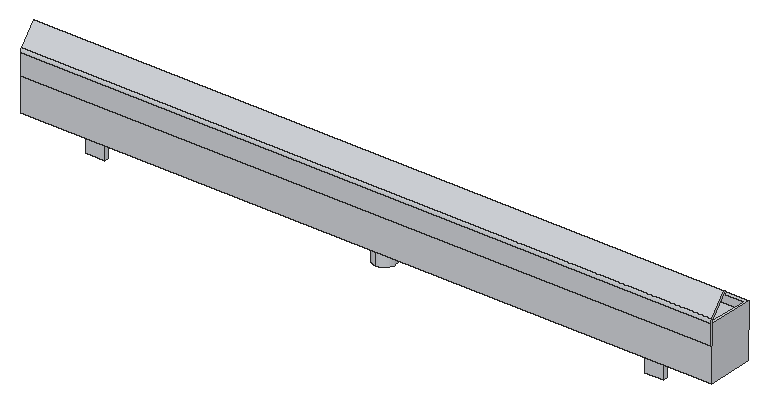
Revit family "Alcon-13150-V 22 inches-Revit-Family", category Lighting Fixtures, host Face, Revit 2025
Family settings
  Host = Face
  Round Connector Dimension = Use Diameter
  Part Type = Normal
  Cut with Voids When Loaded = No
  Light Source = Yes
  Maintain Annotation Orientation = No
  Shared = No
  Room Calculation Point = No
Parameters
  Wattage = 9.2903 W
  built-in parameter 1150110 = 1 (stored number, unit not read)
  URL = "https://www.alconlighting.com/"
  built-in parameter 1114217 = 1 (stored number, unit not read)
  built-in parameter 1150109 = 1 (stored number, unit not read)
  built-in parameter 1150134 = 3
  built-in parameter 1150113 = 1 (stored number, unit not read)
  Product Page = "https://www.alconlighting.com/13150-v.html"
  Model = "Alcon 13150-V"
  Manufacturer = "Alcon Lighting"
  built-in parameter 1150105 = 439.27 (stored number, unit not read)
  Lumens = 1380 lm
  built-in parameter 1150115 = 1 (stored number, unit not read)
  Light Source Symbol Size = 2' - 0"
  built-in parameter 1150137 = (empty or 0)
  built-in parameter 1150139 = (empty or 0)
  Length = 1' - 10 1/2"
  built-in parameter 1150112 = 1 (stored number, unit not read)
  built-in parameter 1150114 = 1 (stored number, unit not read)
  built-in parameter 1150132 = (empty or 0)
  built-in parameter 1150102 = (empty or 0)
  built-in parameter 1150107 = 3200 (stored number, unit not read)
  built-in parameter 1150138 = (empty or 0)
  built-in parameter 1150106 = 4.3927 (stored number, unit not read)
  Emit from Line Length = 2' - 0"
  built-in parameter 1150104 = 13.8 (stored number, unit not read)
  Dimming Lamp Color Temperature Shift = (empty or 0)
  Default Elevation = 4' - 0"
  Color Filter = 16777215
  built-in parameter 1114218 = 1 (stored number, unit not read)
  built-in parameter 1150133 = 10 (stored number, unit not read)
Reference planes (in)
  plane 1 "Center (Front/Back)": y = 0
  plane 2: z = 0
  plane 3 "Center (Left/Right)": x = 0
  plane 4 "Left Grip": x = 2.4492
Forms (in)
  Extrusion 1, solid
    sketch origin (0, 0, 0) x (0, 1, 0) y (0, 0, 1)
      loop
        line (0.75, 0.6875) -> (0.75, 2.4375) -> (-0.75, 2.4375) -> (-0.75, 0.6875) -> (0.75, 0.6875)
    from 0 to 22.5
  Extrusion 2, solid
    sketch origin (11.25, 0.75, 0) x (0, -1, 0) y (1, 0, 0)
      loop
        circle (0.75, 0) r 0.34699
    from 0 to 0.6875
  Extrusion 3, solid
    sketch origin (0, 0, 0) x (1, 0, 0) y (0, 1, 0)
      loop
        line (0.07065, 0.6875) -> (0.07065, -0.6875) -> (22.43664, -0.6875) -> (22.43664, 0.6875) -> (0.07065, 0.6875)
    from 2.09676 to 2.15926
  Extrusion 4, solid
    sketch origin (2.4492, 0, 0) x (0, -1, 0) y (0, 0, 1)
      loop
        line (-0.5, 0.6875) -> (-0.5, 0.58696) -> (-0.39894, 0.58696) -> (-0.39894, 0) -> (-0.27394, 0) -> (-0.27394, 0.58696) -> (0.27394, 0.58696) -> (0.27394, 0) -> (0.39894, 0) -> (0.39894, 0.58696) -> (0.5, 0.58696) -> (0.5, 0.6875) -> (-0.5, 0.6875)
    from 0 to 0.625
  Extrusion 5, solid
    sketch origin (20.0508, 0, 0) x (0, 1, 0) y (0, 0, 1)
      loop
        line (0.5, 0.6875) -> (-0.5, 0.6875) -> (-0.5, 0.58696) -> (-0.39894, 0.58696) -> (-0.39894, 0) -> (-0.27394, 0) -> (-0.27394, 0.58696) -> (0.27394, 0.58696) -> (0.27394, 0) -> (0.39894, 0) -> (0.39894, 0.58696) -> (0.5, 0.58696) -> (0.5, 0.6875)
    from 0 to 0.625
  Extrusion 6, solid
    sketch origin (0, 0, 0) x (0, 1, 0) y (0, 0, 1)
      loop
        arc (-0.75, 2.44638) -> (-0.7393, 2.50704) -> (-0.7085, 2.56039) r 0.17736
        line (-0.7085, 2.56039) -> (-0.20719, 3.15783) -> (-0.23113, 3.17792) -> (-0.73244, 2.58048)
        arc (-0.73244, 2.58048) -> (-0.76867, 2.51773) -> (-0.78125, 2.44638) r 0.20861
        line (-0.78125, 2.44638) -> (-0.78125, 1.79494) -> (-0.75, 1.79494) -> (-0.75, 2.44638)
    from 0 to 22.5
  Extrusion 7, void
    sketch origin (0, 0, 0) x (0, 1, 0) y (0, 0, 1)
      loop
        line (-0.6875, 0.75) -> (0.6875, 0.75) -> (0.6875, 2.4375) -> (-0.6875, 2.4375) -> (-0.6875, 0.75)
    from 0.07065 to 22.43664
Cuts and joins
  Extrusion 7 cuts Extrusion 1
Dimensions and locks (in)
  locked: Extrusion 4 to plane 4 "Left Grip" at 0.625
  "Length": plane 3 "Center (Left/Right)" to Extrusion 1
  locked: plane 3 "Center (Left/Right)" to Extrusion 3 sketch curve at 0.07065
  locked: Extrusion 3 sketch curve to Extrusion 1 at 0.06336
  equal spacing: plane 3 "Center (Left/Right)", Extrusion 2 sketch curve, Extrusion 1
  Extrusion 5 to Extrusion 5 to Extrusion 1 = 0' - 0 5/8" locked, 0' - 1 211/256" locked
  "Length": plane 3 "Center (Left/Right)" to Extrusion 6
  locked: plane 3 "Center (Left/Right)" to cut or joined group of Extrusion 1, Extrusion 7 at 0.07065
  locked: cut or joined group of Extrusion 1, Extrusion 7 to cut or joined group of Extrusion 1, Extrusion 7 at 0.06336
  aligned and locked: plane 2 to host face
  aligned and locked: level to host face
  aligned and locked: Extrusion 1 to plane 3 "Center (Left/Right)"
Automatic sketch dimensions
  host sketch curve to host sketch curve = 8' - 0"  (x2)
  plane 1 "Center (Front/Back)" to Extrusion 1 sketch curve = 0' - 0 3/4"
  Extrusion 1 sketch curve to plane 1 "Center (Front/Back)" = 0' - 0 3/4"
  level to Extrusion 1 sketch curve = 0' - 0 11/16"
  Extrusion 1 sketch curve to Extrusion 1 sketch curve = 0' - 1 3/4"
  plane 1 "Center (Front/Back)" to Extrusion 3 sketch curve = 0' - 0 11/16"
  Extrusion 3 sketch curve to plane 1 "Center (Front/Back)" = 0' - 0 11/16"
  Extrusion 4 sketch curve to level = 0' - 0"  (x2)
  Extrusion 4 sketch curve to plane 1 "Center (Front/Back)" = 0' - 0 1/2"
  Extrusion 4 sketch curve to Extrusion 4 sketch curve = 0' - 0.10106"  (x2)
  Extrusion 4 sketch curve to Extrusion 4 sketch curve = 0' - 0 1/8"  (x2)
  plane 1 "Center (Front/Back)" to Extrusion 4 sketch curve = 0' - 0.27394"
  level to Extrusion 4 sketch curve = 0' - 0.58696"
  Extrusion 4 sketch curve to Extrusion 4 sketch curve = 0' - 0"  (x2)
  Extrusion 4 sketch curve to Extrusion 4 sketch curve = 0' - 0.10054"
  Extrusion 5 sketch curve to level = 0' - 0"  (x2)
  plane 1 "Center (Front/Back)" to Extrusion 5 sketch curve = 0' - 0 1/2"
  Extrusion 5 sketch curve to Extrusion 5 sketch curve = 0' - 0.10106"  (x2)
  Extrusion 5 sketch curve to Extrusion 5 sketch curve = 0' - 0 1/8"  (x2)
  Extrusion 5 sketch curve to plane 1 "Center (Front/Back)" = 0' - 0.27394"
  level to Extrusion 5 sketch curve = 0' - 0.58696"
  Extrusion 5 sketch curve to Extrusion 5 sketch curve = 0' - 0"  (x2)
  Extrusion 5 sketch curve to Extrusion 5 sketch curve = 0' - 0.10054"
  plane 1 "Center (Front/Back)" to Extrusion 2 sketch curve = 0' - 0"
  Extrusion 6 sketch curve to Extrusion 6 sketch curve = 0' - 0"  (x2)
  plane 1 "Center (Front/Back)" to Extrusion 6 sketch curve = 0' - 0 25/32"
  Extrusion 6 sketch curve to Extrusion 6 sketch curve = 0' - 0 1/32"
  Extrusion 6 sketch curve to Extrusion 6 sketch curve = 0' - 0.01756"
  Extrusion 6 sketch curve to Extrusion 6 sketch curve = 0' - 0.02394"  (x2)
  Extrusion 6 sketch curve to Extrusion 6 sketch curve = 0' - 0.13587"
  plane 1 "Center (Front/Back)" to Extrusion 6 sketch curve = 0' - 0.23113"
  level to Extrusion 6 sketch curve = 0' - 1.79494"
  Extrusion 6 sketch curve to Extrusion 6 sketch curve = 0' - 0.65144"
  plane 1 "Center (Front/Back)" to Extrusion 7 sketch curve = 0' - 0 11/16"
  Extrusion 7 sketch curve to plane 1 "Center (Front/Back)" = 0' - 0 11/16"
  level to Extrusion 7 sketch curve = 0' - 0 3/4"
  Extrusion 7 sketch curve to Extrusion 7 sketch curve = 0' - 1 11/16"
  radius of Extrusion 2 sketch curve = 0' - 0.34699"
